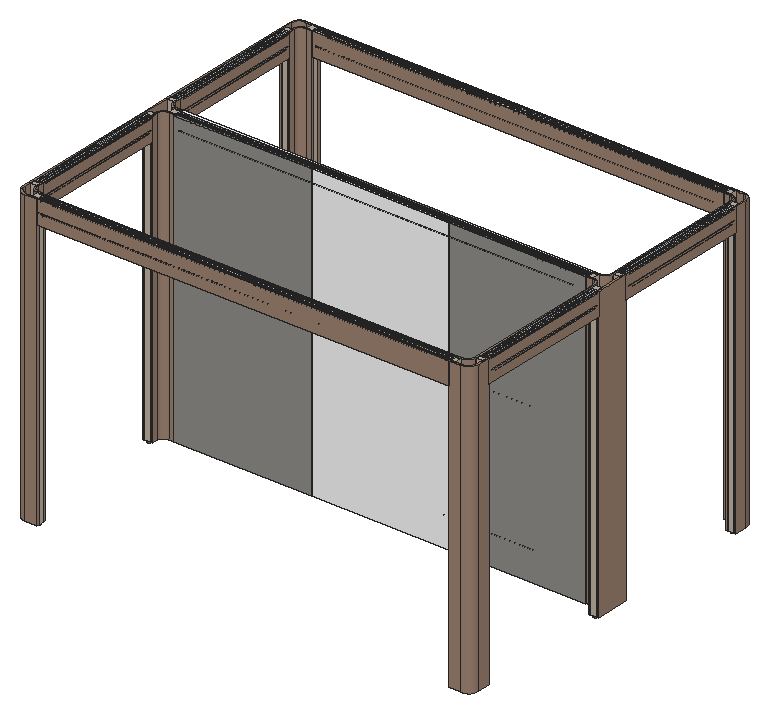
Revit family "T100219", category Furniture, Revit 2018
Family settings
  OmniClass Number = 23.40.20.14.17
  OmniClass Title = Residential Tables and Cabinets
  Work Plane-Based = No
  Always vertical = Yes
  Cut with Voids When Loaded = No
  Shared = Yes
  Room Calculation Point = No
Parameters (values of type "0762 x 0762mm")
  Base Material = Wood - Birch
  Height = 1' - 5.99213"
  Length = 2' - 6"
  Top Material = Laminate - Ivory, Matte
  Width = 2' - 6"
Reference planes (in)
  plane 1: y = 6
  plane 2: z = 0
  plane 3 "Left": x = 14.84943
Dimensions and locks (in)
  aligned and locked: plane 2 to level
Nested families (in)
  nested 1: "OFS OBEYA POSTS" at (-53.40057, 58.5, 0), type "CORNER POST"
  nested 2: "OFS OBEYA POSTS" at (83.09943, 58.53789, 0) x (0, -1, 0) z (0, 0, 1), type "CORNER POST"
  nested 3: "OFS OBEYA BEAM KITS" at (14.84943, 58.5, 0), type "BEAM KIT 126"
  nested 4: "OFS OBEYA BEAM KITS" at (-53.40057, 32.25, 0) x (0, -1, 0) z (0, 0, 1), type "BEAM KIT 42"
  nested 5: "OFS OBEYA BEAM KITS" at (83.09943, 32.25, 0) x (0, -1, 0) z (0, 0, 1), type "BEAM KIT 42"
  nested 6: "OFS OBEYA POSTS" at (-53.40057, 6, 0) x (0, 1, 0) z (0, 0, 1), type "T POST"
  nested 7: "OFS OBEYA POSTS" at (83.09943, 6, 0) x (0, 1, 0) z (0, 0, 1), type "T POST"
  nested 8: "OFS OBEYA POSTS" at (-53.40057, -46.5, 0), type "CORNER POST"
  nested 9: "OFS OBEYA POSTS" at (83.09943, -46.53789, 0) x (0, 1, 0) z (0, 0, 1), type "CORNER POST"
  nested 10: "OFS OBEYA BEAM KITS" at (14.84943, -46.5, 0), type "BEAM KIT 126"
  nested 11: "OFS OBEYA BEAM KITS" at (-53.40057, -20.25, 0) x (0, 1, 0) z (0, 0, 1), type "BEAM KIT 42"
  nested 12: "OFS OBEYA BEAM KITS" at (83.09943, -20.25, 0) x (0, 1, 0) z (0, 0, 1), type "BEAM KIT 42"
  nested 13: "OFS OBEYA FULL WALL RAIL KITS" at (14.84943, 6, 0), type "FULL WALL RAIL KIT 126"
  nested 14: "OFS OBEYA FULL AND SPLIT WALL PANELS" at (-27.15057, 4.75, 0), type "FULL WALL FABRIC PANEL"
    with Top Cutout 0' - 1", Seating Cutout 0' - 1", Right Sitting Bracket no, Right Bar Bracket no, Power Cutout 2 3' - 8", Power Cutout 0' - 1", Number of Power Cutouts 0, Media Cutout Seating Right no, Media Cutout Seating Left no, Media Cutout Seating Center no, Media Cutout Bar Right no, Media Cutout Bar Left no, Media Cutout Bar Center no, Left Sitting Bracket no, Left Bar Bracket no, Beam Cutout Roof Right no, Beam Cutout Roof Left no, Beam Cutout Roof Center no, Bar Cutout 0' - 1", 2 Power Outlets V no, 1 Power Outlet V no
  nested 15: "OFS OBEYA FULL AND SPLIT WALL PANELS" at (14.84943, 7.25, 0), type "FULL WALL FABRIC PANEL"
    with Top Cutout 0' - 1", Seating Cutout 0' - 1", Right Sitting Bracket no, Right Bar Bracket no, Power Cutout 2 3' - 8", Power Cutout 0' - 1", Number of Power Cutouts 0, Media Cutout Seating Right no, Media Cutout Seating Left no, Media Cutout Seating Center no, Media Cutout Bar Right no, Media Cutout Bar Left no, Media Cutout Bar Center no, Left Sitting Bracket no, Left Bar Bracket no, Beam Cutout Roof Right no, Beam Cutout Roof Left no, Beam Cutout Roof Center no, Bar Cutout 0' - 1", 2 Power Outlets V no, 1 Power Outlet V no
  nested 16: "OFS OBEYA FULL AND SPLIT WALL PANELS" at (56.84943, 4.75, 0), type "FULL WALL FABRIC PANEL"
    with Top Cutout 0' - 1", Seating Cutout 0' - 1", Right Sitting Bracket no, Right Bar Bracket no, Power Cutout 2 3' - 8", Power Cutout 0' - 1", Number of Power Cutouts 0, Media Cutout Seating Right no, Media Cutout Seating Left no, Media Cutout Seating Center no, Media Cutout Bar Right no, Media Cutout Bar Left no, Media Cutout Bar Center no, Left Sitting Bracket no, Left Bar Bracket no, Beam Cutout Roof Right no, Beam Cutout Roof Left no, Beam Cutout Roof Center no, Bar Cutout 0' - 1", 2 Power Outlets V no, 1 Power Outlet V no
  nested 17: "OFS OBEYA FULL AND SPLIT WALL PANELS" at (56.84943, 7.25, 0), type "FULL WALL MARKERBOARD PANEL"
    with Top Cutout 0' - 1", Seating Cutout 0' - 1", Right Sitting Bracket no, Right Bar Bracket no, Power Cutout 2 3' - 8", Power Cutout 0' - 1", Number of Power Cutouts 0, Media Cutout Seating Right no, Media Cutout Seating Left no, Media Cutout Seating Center no, Media Cutout Bar Right no, Media Cutout Bar Left no, Media Cutout Bar Center no, Left Sitting Bracket no, Left Bar Bracket no, Beam Cutout Roof Right no, Beam Cutout Roof Left no, Beam Cutout Roof Center no, Bar Cutout 0' - 1", 2 Power Outlets V no, 1 Power Outlet V no
  nested 18: "OFS OBEYA FULL AND SPLIT WALL PANELS" at (-27.15057, 7.25, 0), type "FULL WALL MARKERBOARD PANEL"
    with Top Cutout 0' - 1", Seating Cutout 0' - 1", Right Sitting Bracket no, Right Bar Bracket no, Power Cutout 2 3' - 8", Power Cutout 0' - 1", Number of Power Cutouts 0, Media Cutout Seating Right no, Media Cutout Seating Left no, Media Cutout Seating Center no, Media Cutout Bar Right no, Media Cutout Bar Left no, Media Cutout Bar Center no, Left Sitting Bracket no, Left Bar Bracket no, Beam Cutout Roof Right no, Beam Cutout Roof Left no, Beam Cutout Roof Center no, Bar Cutout 0' - 1", 2 Power Outlets V no, 1 Power Outlet V no
  nested 19: "OFS OBEYA FULL AND SPLIT WALL PANELS" at (14.84943, 4.75, 0), type "FULL WALL MARKERBOARD PANEL"
    with Top Cutout 0' - 1", Seating Cutout 0' - 1", Right Sitting Bracket no, Right Bar Bracket no, Power Cutout 2 3' - 8", Power Cutout 0' - 1", Number of Power Cutouts 0, Media Cutout Seating Right no, Media Cutout Seating Left no, Media Cutout Seating Center no, Media Cutout Bar Right no, Media Cutout Bar Left no, Media Cutout Bar Center no, Left Sitting Bracket no, Left Bar Bracket no, Beam Cutout Roof Right no, Beam Cutout Roof Left no, Beam Cutout Roof Center no, Bar Cutout 0' - 1", 2 Power Outlets V no, 1 Power Outlet V no
Definition of nested family "OFS OBEYA POSTS"
  Parameters (values of type "T POST")
    Width = 0' - 6 3/4"
    URL = "https://ofs.com/products/space-defining/architectural-structures/obeya"
    T = yes
    Model = "OB-TP"
    Manufacturer = "OFS"
    Height = 7' - 6"
    Gliders Material = none
    Finish Material = none
    Description = "OFS OBEYA T POST, Vertical Uprights for Attaching Walls, 3 Way Connection at 90 and 180 Degrees"
    Depth = 0' - 6 3/4"
    Corner = no
    Copyright © = "©OFS 2019"
    Edge Material = none
    Catalog = "https://ofs.com/products/space-defining/architectural-structures/obeya"
    Authoring Version = "Autodesk Revit Architecture 2015"
    Assembly Code = "E2020200"
    4way = no
    4 = no
    3 = yes
    2 = yes
  Types (4): name | T | Model | Description | Corner | 4way | 4 | 3
    (no name) | yes | "OB-TP" | "OFS OBEYA T POST, Vertical Uprights for Attaching Walls, 3 Way Connection at 90 and 180 Degrees" | no | no | no | yes
    CORNER POST | no | "OB-CP" | "OFS OBEYA CORNER POST, Vertical Uprights for Attaching Walls, 90 Degree Connection" | yes | no | no | no
    T POST | yes | "OB-TP" | "OFS OBEYA T POST, Vertical Uprights for Attaching Walls, 3 Way Connection at 90 and 180 Degrees" | no | no | no | yes
    4 WAY POST | no | "OB-4P" | "OFS OBEYA 4 WAY POST, Vertical Uprights for Attaching Walls, 4 Way Connection at 90 Corners" | no | yes | yes | yes
  Reference planes (in)
    plane 1 "Center Front/Back": y = 0
    plane 2: z = 0
    plane 3 "Center Left/Right": x = 0
    plane 4: x = 5.25
    plane 5: y = -5.25
    plane 6: z = 90
    plane 7: z = 0.5
    plane 8: y = 5.25
    plane 9: x = -5.25
  Forms (in)
    Extrusion 1, solid, material <- "Finish Material", visible <- "Corner"
      sketch origin (-1.5, 1.5, 0) x (1, 0, 0) y (0, 1, 0)
        loop
          arc (3, 0) -> (0.87868, -0.87868) -> (0, -3) r 3
          line (0, -3) -> (0, -6.75) -> (0.5, -6.75) -> (0.5, -3)
          arc (0.5, -3) -> (1.23223, -1.23223) -> (3, -0.5) r 2.5
          line (3, -0.5) -> (6.75, -0.5) -> (6.75, 0) -> (3, 0)
        loop
          line (5, -3) -> (6.75, -3) -> (6.75, -2.5) -> (5, -2.5)
          arc (5, -2.5) -> (3.23223, -3.23223) -> (2.5, -5) r 2.5
          line (2.5, -5) -> (2.5, -6.75) -> (3, -6.75) -> (3, -5)
          arc (3, -5) -> (3.58579, -3.58579) -> (5, -3) r 2
      from 0.5 to 90
    Extrusion 2, solid, material <- "Edge Material", visible <- "2"
      sketch origin (0, 0, 0) x (1, 0, 0) y (0, 1, 0)
        loop
          line (5.25, 1) -> (3.5, 1) -> (3.5, -1) -> (5.25, -1) -> (5.25, 1)
        loop
          line (-1, -5.25) -> (1, -5.25) -> (1, -3.5) -> (-1, -3.5) -> (-1, -5.25)
      from 0.5 to 90
    Revolve 3, solid, material <- "Gliders Material", visible <- "2"
      sketch origin (-14.98281, 0, 0) x (1, 0, 0) y (0, 0, 1)
        loop
          line (19.45389, 0.5) -> (19.12889, 0.5) -> (19.12889, 0.2225) -> (18.99551, 0.2225)
          arc (18.99551, 0.2225) -> (18.88426, 0.11125) -> (18.99551, 0) r 0.11125
          line (18.99551, 0) -> (19.45389, 0) -> (19.45389, 0.5)
        axis (19.45389, 0) -> (19.45389, 0.5)
      angle from 0 to 360
    Revolve 4, solid, material <- "Gliders Material", visible <- "2"
      sketch origin (0, 14.98281, 0) x (0, -1, 0) y (0, 0, -1)
        loop
          line (19.45389, -0.5) -> (19.45389, 0) -> (18.99551, 0)
          arc (18.99551, 0) -> (18.88426, -0.11125) -> (18.99551, -0.2225) r 0.11125
          line (18.99551, -0.2225) -> (19.12889, -0.2225) -> (19.12889, -0.5) -> (19.45389, -0.5)
        axis (19.45389, 0) -> (19.45389, -0.5)
      angle from 0 to 360
    Extrusion 5, solid, material <- "Finish Material", visible <- "T"
      sketch origin (-1.5, 1.5, 0) x (1, 0, 0) y (0, 1, 0)
        loop
          line (6.75, 0) -> (-3.75, 0) -> (-3.75, -0.5) -> (6.75, -0.5) -> (6.75, 0)
        loop
          line (5, -3) -> (6.75, -3) -> (6.75, -2.5) -> (5, -2.5)
          arc (5, -2.5) -> (3.23223, -3.23223) -> (2.5, -5) r 2.5
          line (2.5, -5) -> (2.5, -6.75) -> (3, -6.75) -> (3, -5)
          arc (3, -5) -> (3.58579, -3.58579) -> (5, -3) r 2
        loop
          arc (-2, -3) -> (-0.58579, -3.58579) -> (0, -5) r 2
          line (0, -5) -> (0, -6.75) -> (0.5, -6.75) -> (0.5, -5)
          arc (0.5, -5) -> (-0.23223, -3.23223) -> (-2, -2.5) r 2.5
          line (-2, -2.5) -> (-3.75, -2.5) -> (-3.75, -3) -> (-2, -3)
      from 0.5 to 90
    Extrusion 6, solid, material <- "Finish Material", visible <- "4way"
      sketch origin (-1.5, 1.5, 0) x (1, 0, 0) y (0, 1, 0)
        loop
          line (5, -3) -> (6.75, -3) -> (6.75, -2.5) -> (5, -2.5)
          arc (5, -2.5) -> (3.23223, -3.23223) -> (2.5, -5) r 2.5
          line (2.5, -5) -> (2.5, -6.75) -> (3, -6.75) -> (3, -5)
          arc (3, -5) -> (3.58579, -3.58579) -> (5, -3) r 2
        loop
          arc (-2, -3) -> (-0.58579, -3.58579) -> (0, -5) r 2
          line (0, -5) -> (0, -6.75) -> (0.5, -6.75) -> (0.5, -5)
          arc (0.5, -5) -> (-0.23223, -3.23223) -> (-2, -2.5) r 2.5
          line (-2, -2.5) -> (-3.75, -2.5) -> (-3.75, -3) -> (-2, -3)
        loop
          arc (5, 0) -> (3.58579, 0.58579) -> (3, 2) r 2
          line (3, 2) -> (3, 3.75) -> (2.5, 3.75) -> (2.5, 2)
          arc (2.5, 2) -> (3.23223, 0.23223) -> (5, -0.5) r 2.5
          line (5, -0.5) -> (6.75, -0.5) -> (6.75, 0) -> (5, 0)
        loop
          line (-2, 0) -> (-3.75, 0) -> (-3.75, -0.5) -> (-2, -0.5)
          arc (-2, -0.5) -> (-0.23223, 0.23223) -> (0.5, 2) r 2.5
          line (0.5, 2) -> (0.5, 3.75) -> (0, 3.75) -> (0, 2)
          arc (0, 2) -> (-0.58579, 0.58579) -> (-2, 0) r 2
      from 0.5 to 90
    Revolve 7, solid, material <- "Gliders Material", visible <- "3"
      sketch origin (14.98281, 0, 0) x (-1, 0, 0) y (0, 0, 1)
        loop
          line (19.45389, 0.5) -> (19.12889, 0.5) -> (19.12889, 0.2225) -> (18.99551, 0.2225)
          arc (18.99551, 0.2225) -> (18.88426, 0.11125) -> (18.99551, 0) r 0.11125
          line (18.99551, 0) -> (19.45389, 0) -> (19.45389, 0.5)
        axis (19.45389, 0) -> (19.45389, 0.5)
      angle from 0 to 360
    Revolve 8, solid, material <- "Gliders Material", visible <- "4"
      sketch origin (0, -14.98281, 0) x (0, 1, 0) y (0, 0, 1)
        loop
          line (19.45389, 0.5) -> (19.12889, 0.5) -> (19.12889, 0.2225) -> (18.99551, 0.2225)
          arc (18.99551, 0.2225) -> (18.88426, 0.11125) -> (18.99551, 0) r 0.11125
          line (18.99551, 0) -> (19.45389, 0) -> (19.45389, 0.5)
        axis (19.45389, 0) -> (19.45389, 0.5)
      angle from 0 to 360
    Extrusion 9, solid, material <- "Edge Material", visible <- "4"
      sketch origin (0, 0, 0) x (1, 0, 0) y (0, 1, 0)
        loop
          line (-1, 5.25) -> (-1, 3.5) -> (1, 3.5) -> (1, 5.25) -> (-1, 5.25)
      from 0.5 to 90
    Extrusion 10, solid, material <- "Edge Material", visible <- "3"
      sketch origin (0, 0, 0) x (0, -1, 0) y (1, 0, 0)
        loop
          line (-1, -5.25) -> (1, -5.25) -> (1, -3.5) -> (-1, -3.5) -> (-1, -5.25)
      from 0.5 to 90
  Dimensions and locks (in)
    "Height": plane 6 to level
    locked: plane 7 to level at 0.5
    aligned and locked: level to plane 2
    aligned and locked: plane 6 to Extrusion 1
    aligned and locked: plane 6 to Extrusion 2
    aligned and locked: Extrusion 1 to plane 7
  Automatic sketch dimensions
    Extrusion 1 sketch curve to Extrusion 1 sketch curve = 0' - 0"  (x4)
    Extrusion 1 sketch curve to plane 5 = 0' - 0"  (x2)
    Extrusion 1 sketch curve to plane 4 = 0' - 0"  (x2)
    Extrusion 1 sketch curve to plane 4 = 0' - 1 3/4"
    plane 3 "Center Left/Right" to Extrusion 1 sketch curve = 0' - 1 1/2"  (x2)
    Extrusion 1 sketch curve to Extrusion 1 sketch curve = 0' - 0 1/2"  (x2)
    Extrusion 1 sketch curve to plane 3 "Center Left/Right" = 0' - 1"
    plane 5 to Extrusion 1 sketch curve = 0' - 1 3/4"
    plane 1 "Center Front/Back" to Extrusion 1 sketch curve = 0' - 1 1/2"
    Extrusion 2 sketch curve to plane 5 = 0' - 0"
    Extrusion 2 sketch curve to plane 4 = 0' - 0"
    Extrusion 2 sketch curve to plane 4 = 0' - 1 3/4"
    plane 3 "Center Left/Right" to Extrusion 2 sketch curve = 0' - 1"
    Extrusion 2 sketch curve to plane 3 "Center Left/Right" = 0' - 1"
    plane 5 to Extrusion 2 sketch curve = 0' - 1 3/4"
    plane 1 "Center Front/Back" to Extrusion 2 sketch curve = 0' - 1"
    Extrusion 2 sketch curve to plane 1 "Center Front/Back" = 0' - 1"
    Revolve 3 sketch curve to level = 0' - 0"
    Revolve 3 sketch curve to plane 7 = 0' - 0"  (x2)
    level to Revolve 3 sketch curve = 0' - 0.11125"
    Revolve 3 sketch curve to plane 4 = 0' - 1.2373"
    Revolve 3 sketch curve to Revolve 3 sketch curve = 0' - 0.13338"
    Revolve 3 sketch curve to Revolve 3 sketch curve = 0' - 0.325"
    Revolve 3 sketch curve to Revolve 3 sketch curve = 0' - 0"
    Revolve 3 sketch curve to Revolve 3 sketch curve = 0' - 0 1/4"
    Revolve 4 sketch curve to level = 0' - 0"
    Revolve 4 sketch curve to plane 7 = 0' - 0"  (x2)
    level to Revolve 4 sketch curve = 0' - 0.11125"
    plane 5 to Revolve 4 sketch curve = 0' - 1.2373"
    Revolve 4 sketch curve to Revolve 4 sketch curve = 0' - 0.13338"
    Revolve 4 sketch curve to Revolve 4 sketch curve = 0' - 0.325"
    Revolve 4 sketch curve to Revolve 4 sketch curve = 0' - 0"
    Revolve 4 sketch curve to Revolve 4 sketch curve = 0' - 0 1/4"
    Extrusion 5 sketch curve to Extrusion 5 sketch curve = 0' - 0"  (x4)
    Extrusion 5 sketch curve to plane 9 = 0' - 0"  (x2)
    Extrusion 5 sketch curve to plane 5 = 0' - 0"  (x2)
    Extrusion 5 sketch curve to plane 4 = 0' - 0"  (x2)
    Extrusion 5 sketch curve to plane 9 = 0' - 1 3/4"
    Extrusion 5 sketch curve to plane 3 "Center Left/Right" = 0' - 1 1/2"
    Extrusion 5 sketch curve to Extrusion 5 sketch curve = 0' - 0 1/2"  (x3)
    plane 3 "Center Left/Right" to Extrusion 5 sketch curve = 0' - 1"
    Extrusion 5 sketch curve to plane 4 = 0' - 1 3/4"
    plane 5 to Extrusion 5 sketch curve = 0' - 1 3/4"  (x2)
    Extrusion 5 sketch curve to plane 1 "Center Front/Back" = 0' - 1"
    Extrusion 6 sketch curve to Extrusion 6 sketch curve = 0' - 0"  (x8)
    Extrusion 6 sketch curve to plane 9 = 0' - 0"  (x2)
    Extrusion 6 sketch curve to plane 5 = 0' - 0"  (x2)
    plane 8 to Extrusion 6 sketch curve = 0' - 0"  (x2)
    Extrusion 6 sketch curve to plane 4 = 0' - 0"  (x2)
    Extrusion 6 sketch curve to plane 9 = 0' - 1 3/4"  (x2)
    Extrusion 6 sketch curve to plane 3 "Center Left/Right" = 0' - 1 1/2"  (x2)
    Extrusion 6 sketch curve to Extrusion 6 sketch curve = 0' - 0 1/2"  (x4)
    plane 3 "Center Left/Right" to Extrusion 6 sketch curve = 0' - 1"  (x2)
    Extrusion 6 sketch curve to plane 4 = 0' - 1 3/4"  (x2)
    plane 5 to Extrusion 6 sketch curve = 0' - 1 3/4"
    Extrusion 6 sketch curve to Extrusion 6 sketch curve = 0' - 1 3/4"
    Extrusion 6 sketch curve to plane 1 "Center Front/Back" = 0' - 1"  (x2)
    Revolve 7 sketch curve to level = 0' - 0"
    Revolve 7 sketch curve to plane 7 = 0' - 0"  (x2)
    Revolve 7 sketch curve to level = 0' - 0.11125"
    plane 9 to Revolve 7 sketch curve = 0' - 1.2373"
    Revolve 7 sketch curve to Revolve 7 sketch curve = 0' - 0.13338"
    Revolve 7 sketch curve to Revolve 7 sketch curve = 0' - 0.325"
    Revolve 7 sketch curve to Revolve 7 sketch curve = 0' - 0"
    Revolve 7 sketch curve to Revolve 7 sketch curve = 0' - 0 1/4"
    Revolve 8 sketch curve to level = 0' - 0"
    Revolve 8 sketch curve to plane 7 = 0' - 0"  (x2)
    level to Revolve 8 sketch curve = 0' - 0.11125"
    plane 8 to Revolve 8 sketch curve = 0' - 1.2373"
    Revolve 8 sketch curve to Revolve 8 sketch curve = 0' - 0.13338"
    Revolve 8 sketch curve to Revolve 8 sketch curve = 0' - 0.325"
    Revolve 8 sketch curve to Revolve 8 sketch curve = 0' - 0"
    Revolve 8 sketch curve to Revolve 8 sketch curve = 0' - 0 1/4"
    plane 8 to Extrusion 9 sketch curve = 0' - 0"
    plane 3 "Center Left/Right" to Extrusion 9 sketch curve = 0' - 1"
    Extrusion 9 sketch curve to plane 3 "Center Left/Right" = 0' - 1"
    Extrusion 9 sketch curve to plane 8 = 0' - 1 3/4"
    Extrusion 10 sketch curve to plane 9 = 0' - 0"
    Extrusion 10 sketch curve to plane 1 "Center Front/Back" = 0' - 1"
    plane 1 "Center Front/Back" to Extrusion 10 sketch curve = 0' - 1"
    Extrusion 10 sketch curve to Extrusion 10 sketch curve = 0' - 1 3/4"
Definition of nested family "OFS OBEYA BEAM KITS"
  Parameters (values of type "BEAM KIT 42")
    Width = 3' - 6"
    URL = "https://ofs.com/products/space-defining/architectural-structures/obeya"
    Model = "OB-42BMK"
    Manufacturer = "OFS"
    Height = 7' - 6"
    Structure Material = none
    Finish Material = none
    Description = "OFS OBEYA BEAM KIT, 42\" Width, Spans Between 2 Posts"
    Depth = 0' - 3"
    Copyright © = "©OFS 2019"
    Edge Material = none
    Catalog = "https://ofs.com/products/space-defining/architectural-structures/obeya"
    Beam Height = 0' - 7"
    Authoring Version = "Autodesk Revit Architecture 2015"
    Assembly Code = "E2020200"
  Types (3): name | Width | Model | Description
    BEAM KIT 42 | 3' - 6" | "OB-42BMK" | "OFS OBEYA BEAM KIT, 42\" Width, Spans Between 2 Posts"
    BEAM KIT 84 | 7' - 0" | "OB-84BMK" | "OFS OBEYA BEAM KIT, 84\" Width, Spans Between 2 Posts"
    BEAM KIT 126 | 10' - 6" | "OB-126BMK" | "OFS OBEYA BEAM KIT, 126\" Width, Spans Between 2 Posts"
  Reference planes (in)
    plane 1 "Center Front/Back": y = 0
    plane 2: z = 0
    plane 3 "Center Left/Right": x = 0
    plane 4: x = 21
    plane 5: y = -1.5
    plane 6: z = 90
    plane 7: z = 0.5
    plane 8: y = 1.5
    plane 9: x = -21
    plane 10: z = 83
    plane 11: x = 2
    plane 12: x = -2
    plane 13: x = -19.25
    plane 14: x = -17.25
    plane 15: x = 19.25
    plane 16: x = 17.25
  Forms (in)
    Extrusion 1, solid, material <- "Finish Material"
      sketch origin (0, 0, 0) x (0, 1, 0) y (0, 0, 1)
        loop
          line (1.5, 90) -> (1, 90) -> (1, 83) -> (1.5, 83) -> (1.5, 90)
        loop
          line (-1.5, 90) -> (-1.5, 83) -> (-1, 83) -> (-1, 90) -> (-1.5, 90)
      from -21 to 21
    Extrusion 2, solid, material <- "Edge Material"
      sketch origin (0, 0, 0) x (0, 1, 0) y (0, 0, 1)
        loop
          line (1, 84) -> (-1, 84) -> (-1, 83) -> (1, 83) -> (1, 84)
      from -21 to 21
    Extrusion 3, solid, material <- "Structure Material"
      sketch origin (0, 0, 0) x (0, 1, 0) y (0, 0, 1)
        loop
          line (0.634, 89.90157) -> (0.90157, 89.90157) -> (0.90157, 89.27657) -> (0.29068, 89.27657)
          arc (0.29068, 89.27657) -> (0.19003, 89.39013) -> (0.04921, 89.44664) r 0.33001
          line (0.04921, 89.44664) -> (0.04921, 89.90157) -> (0.23, 89.90157) -> (0.23, 90) -> (-0.23, 90) -> (-0.23, 89.90157) -> (-0.04921, 89.90157) -> (-0.04921, 89.44664)
          arc (-0.04921, 89.44664) -> (-0.19003, 89.39013) -> (-0.29068, 89.27657) r 0.33001
          line (-0.29068, 89.27657) -> (-0.90157, 89.27657) -> (-0.90157, 89.90157) -> (-0.634, 89.90157) -> (-0.634, 90) -> (-1, 90) -> (-1, 89.17815) -> (-0.74409, 88.92224) -> (-0.74409, 87.7719) -> (-0.90157, 87.7719) -> (-0.90157, 88.09941) -> (-1, 88.19783) -> (-1, 85.9781) -> (-0.74409, 85.72219) -> (-0.74409, 84.57185) -> (-0.90157, 84.57185) -> (-0.90157, 84.89936) -> (-1, 84.99779) -> (-1, 84) -> (-0.202, 84) -> (-0.202, 84.09843) -> (-0.375, 84.09843) -> (-0.375, 84.71875) -> (-0.28811, 84.71875)
          arc (-0.28811, 84.71875) -> (0, 84.54967) -> (0.28811, 84.71875) r 0.33001
          line (0.28811, 84.71875) -> (0.375, 84.71875) -> (0.375, 84.09843) -> (0.202, 84.09843) -> (0.202, 84) -> (1, 84) -> (1, 84.99779) -> (0.90157, 84.89936) -> (0.90157, 84.57185) -> (0.74409, 84.57185) -> (0.74409, 85.72219) -> (1, 85.9781) -> (1, 88.19783) -> (0.90157, 88.09941) -> (0.90157, 87.7719) -> (0.74409, 87.7719) -> (0.74409, 88.92224) -> (1, 89.17815) -> (1, 90) -> (0.634, 90) -> (0.634, 89.90157)
        loop
          arc (0.33001, 89.12032) -> (0.28638, 88.95633) -> (0.16703, 88.8357) r 0.33001
          line (0.16703, 88.8357) -> (0.08792, 88.97271)
          arc (0.08792, 88.97271) -> (0, 89.29214) -> (-0.08792, 88.97271) r 0.17181
          line (-0.08792, 88.97271) -> (-0.16703, 88.8357)
          arc (-0.16703, 88.8357) -> (-0.28638, 88.95633) -> (-0.33001, 89.12032) r 0.33001
          line (-0.33001, 89.12032) -> (-0.64567, 89.12032) -> (-0.64567, 87.67347) -> (-0.90157, 87.67347) -> (-0.90157, 86.01887) -> (-0.202, 86.01887) -> (-0.202, 85.92044) -> (-0.64567, 85.92044) -> (-0.64567, 84.875) -> (-0.32998, 84.875)
          arc (-0.32998, 84.875) -> (-0.28753, 85.04163) -> (-0.16703, 85.1643) r 0.33001
          line (-0.16703, 85.1643) -> (-0.08792, 85.02729)
          arc (-0.08792, 85.02729) -> (0, 84.70786) -> (0.08792, 85.02729) r 0.17181
          line (0.08792, 85.02729) -> (0.16703, 85.1643)
          arc (0.16703, 85.1643) -> (0.28753, 85.04163) -> (0.32998, 84.875) r 0.33001
          line (0.32998, 84.875) -> (0.64567, 84.875) -> (0.64567, 85.92044) -> (0.202, 85.92044) -> (0.202, 86.01887) -> (0.90157, 86.01887) -> (0.90157, 87.67347) -> (0.64567, 87.67347) -> (0.64567, 89.12032) -> (0.33001, 89.12032)
        loop
          line (0.47343, 84.71875) -> (0.47343, 84.09843) -> (0.90157, 84.09843) -> (0.90157, 84.47343) -> (0.64567, 84.47343) -> (0.64567, 84.71875) -> (0.47343, 84.71875)
        loop
          line (-0.47343, 84.71875) -> (-0.64567, 84.71875) -> (-0.64567, 84.47343) -> (-0.90157, 84.47343) -> (-0.90157, 84.09843) -> (-0.47343, 84.09843) -> (-0.47343, 84.71875)
      from -21 to 21
    Extrusion 4, void
      sketch origin (0, 24.68611, 0) x (-1, 0, 0) y (0, -1, 0)
        loop
          line (-1.875, 24.04044) -> (1.875, 24.04044)
          arc (1.875, 24.04044) -> (1.96339, 24.07705) -> (2, 24.16544) r 0.125
          line (2, 24.16544) -> (2, 25.20678)
          arc (2, 25.20678) -> (1.96339, 25.29517) -> (1.875, 25.33178) r 0.125
          line (1.875, 25.33178) -> (-1.875, 25.33178)
          arc (-1.875, 25.33178) -> (-1.96339, 25.29517) -> (-2, 25.20678) r 0.125
          line (-2, 25.20678) -> (-2, 24.16544)
          arc (-2, 24.16544) -> (-1.96339, 24.07705) -> (-1.875, 24.04044) r 0.125
      from 87.3961 to 91.22301
    Extrusion 5, void
      sketch origin (-59.25, 24.68611, 0) x (-1, 0, 0) y (0, -1, 0)
        loop
          line (-41.875, 24.04044) -> (-40.125, 24.04044)
          arc (-40.125, 24.04044) -> (-40.03661, 24.07705) -> (-40, 24.16544) r 0.125
          line (-40, 24.16544) -> (-40, 25.20678)
          arc (-40, 25.20678) -> (-40.03661, 25.29517) -> (-40.125, 25.33178) r 0.125
          line (-40.125, 25.33178) -> (-41.875, 25.33178)
          arc (-41.875, 25.33178) -> (-41.96339, 25.29517) -> (-42, 25.20678) r 0.125
          line (-42, 25.20678) -> (-42, 24.16544)
          arc (-42, 24.16544) -> (-41.96339, 24.07705) -> (-41.875, 24.04044) r 0.125
      from 87.3961 to 91.22301
    Extrusion 6, void
      sketch origin (59.25, 24.68611, 0) x (1, 0, 0) y (0, 1, 0)
        loop
          arc (-41.875, -24.04044) -> (-41.96339, -24.07705) -> (-42, -24.16544) r 0.125
          line (-42, -24.16544) -> (-42, -25.20678)
          arc (-42, -25.20678) -> (-41.96339, -25.29517) -> (-41.875, -25.33178) r 0.125
          line (-41.875, -25.33178) -> (-40.125, -25.33178)
          arc (-40.125, -25.33178) -> (-40.03661, -25.29517) -> (-40, -25.20678) r 0.125
          line (-40, -25.20678) -> (-40, -24.16544)
          arc (-40, -24.16544) -> (-40.03661, -24.07705) -> (-40.125, -24.04044) r 0.125
          line (-40.125, -24.04044) -> (-41.875, -24.04044)
      from 87.3961 to 91.22301
  Cuts and joins
    Extrusion 4, Extrusion 5, Extrusion 6 cuts Extrusion 3
  Lines and regions (in)
    symbolic lines
      curve 1: line (-21, 1.5, 0) -> (21, 1.5, 0)
      curve 2: line (-21, -1.5, 0) -> (-21, 1.5, 0)
      curve 3: line (21, -1.5, 0) -> (-21, -1.5, 0)
      curve 4: line (21, 1.5, 0) -> (21, -1.5, 0)
  Dimensions and locks (in)
    "Height": plane 6 to level
    locked: plane 7 to level at 0.5
    equal spacing: plane 8, plane 1 "Center Front/Back", plane 5
    "Depth": plane 8 to plane 5
    equal spacing: plane 9, plane 3 "Center Left/Right", plane 4
    "Width": plane 9 to plane 4
    "Beam Height": plane 6 to plane 10
    plane 9 to plane 13 to plane 14 = 0' - 1 3/4" locked, 0' - 2" locked
    locked: plane 12 to plane 11 at 4
    plane 4 to plane 15 to plane 16 = 0' - 1 3/4" locked, 0' - 2" locked
    aligned and locked: level to plane 2
    aligned and locked: plane 9 to Extrusion 1
    aligned and locked: plane 9 to Extrusion 3
    aligned and locked: plane 4 to Extrusion 1
    aligned and locked: plane 4 to Extrusion 3
    aligned and locked: plane 4 to Extrusion 2
    aligned and locked: plane 9 to Extrusion 2
    aligned and locked: curve 2 to plane 9
    aligned and locked: curve 4 to plane 4
    aligned and locked: plane 8 to curve 1
    aligned and locked: plane 5 to curve 3
    aligned and locked: Extrusion 4 to plane 12
    aligned and locked: plane 11 to Extrusion 4
    aligned and locked: plane 13 to Extrusion 5
    aligned and locked: Extrusion 5 to plane 14
    aligned and locked: plane 15 to Extrusion 6
    aligned and locked: Extrusion 6 to plane 16
  Automatic sketch dimensions
    Extrusion 1 sketch curve to plane 5 = 0' - 0"
    Extrusion 1 sketch curve to plane 10 = 0' - 0"  (x2)
    Extrusion 1 sketch curve to plane 6 = 0' - 0"  (x2)
    Extrusion 1 sketch curve to plane 8 = 0' - 0"
    plane 5 to Extrusion 1 sketch curve = 0' - 0 1/2"
    plane 8 to Extrusion 1 sketch curve = 0' - 0 1/2"
    Extrusion 2 sketch curve to plane 10 = 0' - 0"
    plane 5 to Extrusion 2 sketch curve = 0' - 0 1/2"
    plane 8 to Extrusion 2 sketch curve = 0' - 0 1/2"
    plane 10 to Extrusion 2 sketch curve = 0' - 1"
    Extrusion 3 sketch curve to Extrusion 3 sketch curve = 0' - 0"  (x38)
    Extrusion 3 sketch curve to plane 6 = 0' - 0"  (x3)
    Extrusion 3 sketch curve to plane 1 "Center Front/Back" = 0' - 0"  (x2)
    plane 1 "Center Front/Back" to Extrusion 3 sketch curve = 0' - 0.04921"
    plane 1 "Center Front/Back" to Extrusion 3 sketch curve = 0' - 0.08792"  (x2)
    Extrusion 3 sketch curve to Extrusion 3 sketch curve = 0' - 0.0791"  (x4)
    plane 1 "Center Front/Back" to Extrusion 3 sketch curve = 0' - 0.202"  (x2)
    Extrusion 3 sketch curve to Extrusion 3 sketch curve = 0' - 0.18079"  (x2)
    plane 1 "Center Front/Back" to Extrusion 3 sketch curve = 0' - 0.28811"
    plane 1 "Center Front/Back" to Extrusion 3 sketch curve = 0' - 0.29068"
    Extrusion 3 sketch curve to Extrusion 3 sketch curve = 0' - 0.04186"  (x2)
    Extrusion 3 sketch curve to Extrusion 3 sketch curve = 0' - 0.03933"  (x2)
    Extrusion 3 sketch curve to Extrusion 3 sketch curve = 0' - 0.173"  (x2)
    Extrusion 3 sketch curve to Extrusion 3 sketch curve = 0' - 0.09843"  (x26)
    Extrusion 3 sketch curve to Extrusion 3 sketch curve = 0' - 0.404"  (x2)
    Extrusion 3 sketch curve to Extrusion 3 sketch curve = 0' - 0.44367"
    Extrusion 3 sketch curve to Extrusion 3 sketch curve = 0' - 0.17224"  (x2)
    plane 1 "Center Front/Back" to Extrusion 3 sketch curve = 0' - 0.64567"
    Extrusion 3 sketch curve to Extrusion 3 sketch curve = 0' - 0.15748"  (x4)
    Extrusion 3 sketch curve to plane 6 = 0' - 0.09843"  (x4)
    Extrusion 3 sketch curve to Extrusion 3 sketch curve = 0' - 0.26757"
    Extrusion 3 sketch curve to Extrusion 3 sketch curve = 0' - 0.25591"  (x4)
    Extrusion 3 sketch curve to plane 1 "Center Front/Back" = 0' - 0.04921"
    Extrusion 3 sketch curve to plane 1 "Center Front/Back" = 0' - 0.08792"  (x2)
    Extrusion 3 sketch curve to plane 1 "Center Front/Back" = 0' - 0.202"  (x2)
    Extrusion 3 sketch curve to plane 1 "Center Front/Back" = 0' - 0.28811"
    Extrusion 3 sketch curve to plane 1 "Center Front/Back" = 0' - 0.29068"
    Extrusion 3 sketch curve to Extrusion 3 sketch curve = 0' - 0.31566"
    Extrusion 3 sketch curve to Extrusion 3 sketch curve = 0' - 0.42815"
    Extrusion 3 sketch curve to Extrusion 3 sketch curve = 0' - 0.45493"
    Extrusion 3 sketch curve to Extrusion 3 sketch curve = 0' - 0.17007"
    Extrusion 3 sketch curve to Extrusion 3 sketch curve = 0' - 0.13701"  (x2)
    Extrusion 3 sketch curve to Extrusion 3 sketch curve = 0' - 0.19808"  (x2)
    Extrusion 3 sketch curve to Extrusion 3 sketch curve = 0' - 0.72441"  (x4)
    Extrusion 3 sketch curve to Extrusion 3 sketch curve = 0' - 0.32751"  (x2)
    Extrusion 3 sketch curve to Extrusion 3 sketch curve = 0' - 1.6546"
    Extrusion 3 sketch curve to Extrusion 3 sketch curve = 0' - 0.04077"  (x2)
    Extrusion 3 sketch curve to Extrusion 3 sketch curve = 0' - 0.19825"  (x2)
    Extrusion 3 sketch curve to Extrusion 3 sketch curve = 0' - 0.75615"
    Extrusion 3 sketch curve to Extrusion 3 sketch curve = 0' - 0.14761"
    Extrusion 3 sketch curve to Extrusion 3 sketch curve = 0' - 0 5/32"  (x2)
    Extrusion 3 sketch curve to Extrusion 3 sketch curve = 0' - 0.1469"  (x2)
    Extrusion 3 sketch curve to Extrusion 3 sketch curve = 0' - 0 3/8"  (x3)
    Extrusion 4 sketch curve to plane 11 = 0' - 0"
    Extrusion 4 sketch curve to plane 12 = 0' - 0"
    plane 11 to Extrusion 4 sketch curve = 0' - 0 1/8"  (x2)
    Extrusion 4 sketch curve to plane 12 = 0' - 0 1/8"
    Extrusion 4 sketch curve to Extrusion 4 sketch curve = 0' - 0 1/8"
    Extrusion 4 sketch curve to plane 1 "Center Front/Back" = 0' - 0.64567"
    plane 1 "Center Front/Back" to Extrusion 4 sketch curve = 0' - 0.52067"
    Extrusion 5 sketch curve to plane 14 = 0' - 0"
    Extrusion 5 sketch curve to plane 13 = 0' - 0"
    Extrusion 5 sketch curve to plane 14 = 0' - 0 1/8"
    Extrusion 5 sketch curve to Extrusion 5 sketch curve = 0' - 0 1/8"
    plane 13 to Extrusion 5 sketch curve = 0' - 0 1/8"  (x2)
    Extrusion 5 sketch curve to plane 1 "Center Front/Back" = 0' - 0.64567"
    plane 1 "Center Front/Back" to Extrusion 5 sketch curve = 0' - 0.52067"
    Extrusion 6 sketch curve to plane 16 = 0' - 0"
    Extrusion 6 sketch curve to plane 15 = 0' - 0"
    plane 16 to Extrusion 6 sketch curve = 0' - 0 1/8"
    Extrusion 6 sketch curve to Extrusion 6 sketch curve = 0' - 0 1/8"
    Extrusion 6 sketch curve to plane 15 = 0' - 0 1/8"  (x2)
    plane 1 "Center Front/Back" to Extrusion 6 sketch curve = 0' - 0.64567"
    Extrusion 6 sketch curve to plane 1 "Center Front/Back" = 0' - 0.52067"
Definition of nested family "OFS OBEYA FULL WALL RAIL KITS"
  Parameters (values of type "FULL WALL RAIL KIT 126")
    Width = 10' - 6"
    URL = "https://ofs.com/products/space-defining/architectural-structures/obeya"
    Model = "OB-126FWRK"
    Manufacturer = "OFS"
    Height = 7' - 6"
    Structure Material = none
    Finish Material = none
    Description = "OFS OBEYA FULL WALL RAIL KIT, 126\" Width, Spans Between 2 Posts"
    Depth = 0' - 1 3/4"
    Copyright © = "©OFS 2019"
    Edge Material = none
    Catalog = "https://ofs.com/products/space-defining/architectural-structures/obeya"
    Authoring Version = "Autodesk Revit Architecture 2015"
    Assembly Code = "E2020200"
  Types (4): name | Width | Model | Description
    (no name) | 10' - 6" | "OB-126FWRK" | "OFS OBEYA FULL WALL RAIL KIT, 126\" Width, Spans Between 2 Posts"
    FULL WALL RAIL KIT 42 | 3' - 6" | "OB-42FWRK" | "OFS OBEYA FULL WALL RAIL KIT, 42\" Width, Spans Between 2 Posts"
    FULL WALL RAIL KIT 84 | 7' - 0" | "OB-84FWRK" | "OFS OBEYA FULL WALL RAIL KIT, 84\" Width, Spans Between 2 Posts"
    FULL WALL RAIL KIT 126 | 10' - 6" | "OB-126FWRK" | "OFS OBEYA FULL WALL RAIL KIT, 126\" Width, Spans Between 2 Posts"
  Reference planes (in)
    plane 1 "Center Front/Back": y = 0
    plane 2: z = 0
    plane 3 "Center Left/Right": x = 0
    plane 4: x = 63
    plane 5: z = 90
    plane 6: x = -63
    plane 7: z = 47.875
    plane 8: z = 44.875
    plane 9: z = 8.75
    plane 10: z = 5.75
    plane 11: x = -6
    plane 12: x = 6
    plane 13: y = 0.875
    plane 14: y = -0.875
    plane 15: x = -61.25
    plane 16: x = -59.25
    plane 17: x = 61.25
    plane 18: x = 59.25
    plane 19: x = -62.75
    plane 20: x = 62.75
    plane 21: x = -52
    plane 22: x = -50
    plane 23: x = 52
    plane 24: x = 50
  Forms (in)
    Extrusion 1, solid, material <- "Structure Material"
      sketch origin (0, 0, 0) x (0, 1, 0) y (0, 0, 1)
        loop
          line (0.58713, 89.90157) -> (0.77657, 89.90157) -> (0.77657, 89.19845) -> (0.32063, 89.19845)
          arc (0.32063, 89.19845) -> (0.2227, 89.36386) -> (0.04921, 89.44664) r 0.33001
          line (0.04921, 89.44664) -> (0.04921, 89.90157) -> (0.23, 89.90157) -> (0.23, 90) -> (-0.23, 90) -> (-0.23, 89.90157) -> (-0.04921, 89.90157) -> (-0.04921, 89.44664)
          arc (-0.04921, 89.44664) -> (-0.2227, 89.36386) -> (-0.32063, 89.19845) r 0.33001
          line (-0.32063, 89.19845) -> (-0.77657, 89.19845) -> (-0.77657, 89.90157) -> (-0.58713, 89.90157) -> (-0.58713, 90) -> (-0.875, 90) -> (-0.875, 89.10002) -> (-0.54097, 88.76599) -> (-0.54097, 86.56096) -> (-0.77657, 86.56096) -> (-0.77657, 87.26347) -> (-0.875, 87.3619) -> (-0.875, 84) -> (-0.202, 84) -> (-0.202, 84.09843) -> (-0.375, 84.09843) -> (-0.375, 84.78125) -> (-0.31499, 84.78125)
          arc (-0.31499, 84.78125) -> (0, 84.54967) -> (0.31499, 84.78125) r 0.33001
          line (0.31499, 84.78125) -> (0.375, 84.78125) -> (0.375, 84.09843) -> (0.202, 84.09843) -> (0.202, 84) -> (0.875, 84) -> (0.875, 87.3619) -> (0.77657, 87.26347) -> (0.77657, 86.56096) -> (0.54097, 86.56096) -> (0.54097, 88.76599) -> (0.875, 89.10002) -> (0.875, 90) -> (0.58713, 90) -> (0.58713, 89.90157)
        loop
          arc (0.32063, 89.0422) -> (0.26216, 88.91988) -> (0.15944, 88.83138) r 0.33001
          line (0.15944, 88.83138) -> (0.08792, 88.97271)
          arc (0.08792, 88.97271) -> (0, 89.29214) -> (-0.08792, 88.97271) r 0.17181
          line (-0.08792, 88.97271) -> (-0.15944, 88.83138)
          arc (-0.15944, 88.83138) -> (-0.26216, 88.91988) -> (-0.32063, 89.0422) r 0.33001
          line (-0.32063, 89.0422) -> (-0.44254, 89.0422) -> (-0.44254, 86.46254) -> (-0.77657, 86.46254) -> (-0.77657, 86.01887) -> (-0.202, 86.01887) -> (-0.202, 85.92044) -> (-0.77657, 85.92044) -> (-0.77657, 84.9375) -> (-0.3249, 84.9375)
          arc (-0.3249, 84.9375) -> (-0.27085, 85.06822) -> (-0.16703, 85.1643) r 0.33001
          line (-0.16703, 85.1643) -> (-0.08792, 85.02729)
          arc (-0.08792, 85.02729) -> (0, 84.70786) -> (0.08792, 85.02729) r 0.17181
          line (0.08792, 85.02729) -> (0.16703, 85.1643)
          arc (0.16703, 85.1643) -> (0.27085, 85.06822) -> (0.3249, 84.9375) r 0.33001
          line (0.3249, 84.9375) -> (0.77657, 84.9375) -> (0.77657, 85.92044) -> (0.202, 85.92044) -> (0.202, 86.01887) -> (0.77657, 86.01887) -> (0.77657, 86.46254) -> (0.44254, 86.46254) -> (0.44254, 89.0422) -> (0.32063, 89.0422)
        loop
          line (0.47343, 84.78125) -> (0.47343, 84.09843) -> (0.77657, 84.09843) -> (0.77657, 84.78125) -> (0.47343, 84.78125)
        loop
          line (-0.47343, 84.78125) -> (-0.77657, 84.78125) -> (-0.77657, 84.09843) -> (-0.47343, 84.09843) -> (-0.47343, 84.78125)
      from -63 to 63
    Extrusion 2, solid, material <- "Structure Material"
      sketch origin (0, 0, 0) x (0, 1, 0) y (0, 0, 1)
        loop
          line (-0.06111, 47.33432) -> (-0.13399, 47.46055)
          arc (-0.13399, 47.46055) -> (-0.23431, 47.36295) -> (-0.27313, 47.22847) r 0.27319
          line (-0.27313, 47.22847) -> (-0.375, 47.22847) -> (-0.375, 47.78279) -> (-0.202, 47.78279) -> (-0.202, 47.875) -> (-0.47343, 47.875) -> (-0.47343, 47.09997) -> (-0.77657, 47.09997) -> (-0.77657, 47.77657) -> (-0.875, 47.875) -> (-0.875, 44.875) -> (-0.202, 44.875) -> (-0.202, 44.97965) -> (-0.375, 44.97965) -> (-0.375, 45.45263) -> (-0.26618, 45.45263)
          arc (-0.26618, 45.45263) -> (0, 45.24093) -> (0.26618, 45.45263) r 0.27319
          line (0.26618, 45.45263) -> (0.375, 45.45263) -> (0.375, 44.97965) -> (0.202, 44.97965) -> (0.202, 44.875) -> (0.875, 44.875) -> (0.875, 47.875) -> (0.77657, 47.77657) -> (0.77657, 47.09997) -> (0.47343, 47.09997) -> (0.47343, 47.875) -> (0.202, 47.875) -> (0.202, 47.78279) -> (0.375, 47.78279) -> (0.375, 47.22847) -> (0.27313, 47.22847)
          arc (0.27313, 47.22847) -> (0.23431, 47.36295) -> (0.13399, 47.46055) r 0.27319
          line (0.13399, 47.46055) -> (0.06111, 47.33432)
          arc (0.06111, 47.33432) -> (0, 47.09502) -> (-0.06111, 47.33432) r 0.12745
        loop
          line (-0.77657, 46.96217) -> (-0.77657, 45.59043) -> (-0.26232, 45.59043)
          arc (-0.26232, 45.59043) -> (-0.21403, 45.68391) -> (-0.13399, 45.7522) r 0.27319
          line (-0.13399, 45.7522) -> (-0.06111, 45.62597)
          arc (-0.06111, 45.62597) -> (0, 45.38667) -> (0.06111, 45.62597) r 0.12745
          line (0.06111, 45.62597) -> (0.13399, 45.7522)
          arc (0.13399, 45.7522) -> (0.21403, 45.68391) -> (0.26232, 45.59043) r 0.27319
          line (0.26232, 45.59043) -> (0.77657, 45.59043) -> (0.77657, 46.96217) -> (-0.77657, 46.96217)
        loop
          line (0.77657, 44.97965) -> (0.77657, 45.45263) -> (0.47343, 45.45263) -> (0.47343, 44.97965) -> (0.77657, 44.97965)
        loop
          line (-0.77657, 44.97965) -> (-0.47343, 44.97965) -> (-0.47343, 45.45263) -> (-0.77657, 45.45263) -> (-0.77657, 44.97965)
        loop
          line (-0.06111, 8.20932) -> (-0.13399, 8.33555)
          arc (-0.13399, 8.33555) -> (-0.23431, 8.23795) -> (-0.27313, 8.10347) r 0.27319
          line (-0.27313, 8.10347) -> (-0.375, 8.10347) -> (-0.375, 8.65779) -> (-0.202, 8.65779) -> (-0.202, 8.75) -> (-0.47343, 8.75) -> (-0.47343, 7.97497) -> (-0.77657, 7.97497) -> (-0.77657, 8.65157) -> (-0.875, 8.75) -> (-0.875, 5.75) -> (-0.202, 5.75) -> (-0.202, 5.85465) -> (-0.375, 5.85465) -> (-0.375, 6.32763) -> (-0.26618, 6.32763)
          arc (-0.26618, 6.32763) -> (0, 6.11593) -> (0.26618, 6.32763) r 0.27319
          line (0.26618, 6.32763) -> (0.375, 6.32763) -> (0.375, 5.85465) -> (0.202, 5.85465) -> (0.202, 5.75) -> (0.875, 5.75) -> (0.875, 8.75) -> (0.77657, 8.65157) -> (0.77657, 7.97497) -> (0.47343, 7.97497) -> (0.47343, 8.75) -> (0.202, 8.75) -> (0.202, 8.65779) -> (0.375, 8.65779) -> (0.375, 8.10347) -> (0.27313, 8.10347)
          arc (0.27313, 8.10347) -> (0.23431, 8.23795) -> (0.13399, 8.33555) r 0.27319
          line (0.13399, 8.33555) -> (0.06111, 8.20932)
          arc (0.06111, 8.20932) -> (0, 7.97002) -> (-0.06111, 8.20932) r 0.12745
        loop
          line (-0.77657, 7.83717) -> (-0.77657, 6.46543) -> (-0.26232, 6.46543)
          arc (-0.26232, 6.46543) -> (-0.21403, 6.55891) -> (-0.13399, 6.6272) r 0.27319
          line (-0.13399, 6.6272) -> (-0.06111, 6.50097)
          arc (-0.06111, 6.50097) -> (0, 6.26167) -> (0.06111, 6.50097) r 0.12745
          line (0.06111, 6.50097) -> (0.13399, 6.6272)
          arc (0.13399, 6.6272) -> (0.21403, 6.55891) -> (0.26232, 6.46543) r 0.27319
          line (0.26232, 6.46543) -> (0.77657, 6.46543) -> (0.77657, 7.83717) -> (-0.77657, 7.83717)
        loop
          line (0.77657, 5.85465) -> (0.77657, 6.32763) -> (0.47343, 6.32763) -> (0.47343, 5.85465) -> (0.77657, 5.85465)
        loop
          line (-0.77657, 5.85465) -> (-0.47343, 5.85465) -> (-0.47343, 6.32763) -> (-0.77657, 6.32763) -> (-0.77657, 5.85465)
      from -62.75 to 62.75
    Extrusion 3, void
      sketch origin (0, 0, 0) x (1, 0, 0) y (0, 0, 1)
        loop
          line (-6, 87.25295) -> (-6, 85.51887)
          arc (-6, 85.51887) -> (-5.85355, 85.16532) -> (-5.5, 85.01887) r 0.5
          line (-5.5, 85.01887) -> (5.5, 85.01887)
          arc (5.5, 85.01887) -> (5.85355, 85.16532) -> (6, 85.51887) r 0.5
          line (6, 85.51887) -> (6, 87.25295)
          arc (6, 87.25295) -> (5.85355, 87.6065) -> (5.5, 87.75295) r 0.5
          line (5.5, 87.75295) -> (-5.5, 87.75295)
          arc (-5.5, 87.75295) -> (-5.85355, 87.6065) -> (-6, 87.25295) r 0.5
      from -1.5 to 1.5
    Extrusion 4, void
      sketch origin (0, 0, 0) x (1, 0, 0) y (0, 0, 1)
        loop
          arc (-61.125, 89.67159) -> (-61.21339, 89.63498) -> (-61.25, 89.54659) r 0.125
          line (-61.25, 89.54659) -> (-61.25, 87.66982)
          arc (-61.25, 87.66982) -> (-61.21339, 87.58143) -> (-61.125, 87.54482) r 0.125
          line (-61.125, 87.54482) -> (-59.375, 87.54482)
          arc (-59.375, 87.54482) -> (-59.28661, 87.58143) -> (-59.25, 87.66982) r 0.125
          line (-59.25, 87.66982) -> (-59.25, 89.54659)
          arc (-59.25, 89.54659) -> (-59.28661, 89.63498) -> (-59.375, 89.67159) r 0.125
          line (-59.375, 89.67159) -> (-61.125, 89.67159)
      from -0.875 to 0.875
    Extrusion 5, void
      sketch origin (0, 0, 0) x (-1, 0, 0) y (0, 0, -1)
        loop
          line (-61.125, -89.67159) -> (-59.375, -89.67159)
          arc (-59.375, -89.67159) -> (-59.28661, -89.63498) -> (-59.25, -89.54659) r 0.125
          line (-59.25, -89.54659) -> (-59.25, -87.66982)
          arc (-59.25, -87.66982) -> (-59.28661, -87.58143) -> (-59.375, -87.54482) r 0.125
          line (-59.375, -87.54482) -> (-61.125, -87.54482)
          arc (-61.125, -87.54482) -> (-61.21339, -87.58143) -> (-61.25, -87.66982) r 0.125
          line (-61.25, -87.66982) -> (-61.25, -89.54659)
          arc (-61.25, -89.54659) -> (-61.21339, -89.63498) -> (-61.125, -89.67159) r 0.125
      from -0.875 to 0.875
    Extrusion 6, solid, material <- "Structure Material"
      sketch origin (0, 0, 0) x (0, 1, 0) y (0, 0, 1)
        loop
          line (0.75, 49.125) -> (-0.75, 49.125)
          arc (-0.75, 49.125) -> (-0.83839, 49.08839) -> (-0.875, 49) r 0.125
          line (-0.875, 49) -> (-0.875, 48.375) -> (-0.08027, 48.54392) -> (-0.08027, 48.60731)
          arc (-0.08027, 48.60731) -> (0, 48.68758) -> (0.08027, 48.60731) r 0.08027
          line (0.08027, 48.60731) -> (0.08027, 48.375) -> (-0.875, 48.00831) -> (-0.875, 44.3125) -> (-0.08027, 44.48142) -> (-0.08027, 44.54481)
          arc (-0.08027, 44.54481) -> (0, 44.62508) -> (0.08027, 44.54481) r 0.08027
          line (0.08027, 44.54481) -> (0.08027, 44.3125) -> (-0.875, 43.94581) -> (-0.875, 43.75)
          arc (-0.875, 43.75) -> (-0.83839, 43.66161) -> (-0.75, 43.625) r 0.125
          line (-0.75, 43.625) -> (0.75, 43.625)
          arc (0.75, 43.625) -> (0.83839, 43.66161) -> (0.875, 43.75) r 0.125
          line (0.875, 43.75) -> (0.875, 49)
          arc (0.875, 49) -> (0.83839, 49.08839) -> (0.75, 49.125) r 0.125
        loop
          line (0.75, 10) -> (-0.75, 10)
          arc (-0.75, 10) -> (-0.83839, 9.96339) -> (-0.875, 9.875) r 0.125
          line (-0.875, 9.875) -> (-0.875, 9.25) -> (-0.08027, 9.41892) -> (-0.08027, 9.48231)
          arc (-0.08027, 9.48231) -> (0, 9.56258) -> (0.08027, 9.48231) r 0.08027
          line (0.08027, 9.48231) -> (0.08027, 9.25) -> (-0.875, 8.88331) -> (-0.875, 5.1875) -> (-0.08027, 5.35642) -> (-0.08027, 5.41981)
          arc (-0.08027, 5.41981) -> (0, 5.50008) -> (0.08027, 5.41981) r 0.08027
          line (0.08027, 5.41981) -> (0.08027, 5.1875) -> (-0.875, 4.82081) -> (-0.875, 4.625)
          arc (-0.875, 4.625) -> (-0.83839, 4.53661) -> (-0.75, 4.5) r 0.125
          line (-0.75, 4.5) -> (0.75, 4.5)
          arc (0.75, 4.5) -> (0.83839, 4.53661) -> (0.875, 4.625) r 0.125
          line (0.875, 4.625) -> (0.875, 9.875)
          arc (0.875, 9.875) -> (0.83839, 9.96339) -> (0.75, 10) r 0.125
        loop
          circle (0, 47.22248) r 0.12745
        loop
          circle (0, 45.51413) r 0.12745
        loop
          circle (0, 8.09748) r 0.12745
        loop
          circle (0, 6.38913) r 0.12745
      from -63 to -62.75
    Extrusion 7, solid, material <- "Structure Material"
      sketch origin (0, 0, 0) x (0, 1, 0) y (0, 0, -1)
        loop
          arc (0.75, -49.125) -> (0.83839, -49.08839) -> (0.875, -49) r 0.125
          line (0.875, -49) -> (0.875, -43.75)
          arc (0.875, -43.75) -> (0.83839, -43.66161) -> (0.75, -43.625) r 0.125
          line (0.75, -43.625) -> (-0.75, -43.625)
          arc (-0.75, -43.625) -> (-0.83839, -43.66161) -> (-0.875, -43.75) r 0.125
          line (-0.875, -43.75) -> (-0.875, -43.94581) -> (0.08027, -44.3125) -> (0.08027, -44.54481)
          arc (0.08027, -44.54481) -> (0, -44.62508) -> (-0.08027, -44.54481) r 0.08027
          line (-0.08027, -44.54481) -> (-0.08027, -44.48142) -> (-0.875, -44.3125) -> (-0.875, -48.00831) -> (0.08027, -48.375) -> (0.08027, -48.60731)
          arc (0.08027, -48.60731) -> (0, -48.68758) -> (-0.08027, -48.60731) r 0.08027
          line (-0.08027, -48.60731) -> (-0.08027, -48.54392) -> (-0.875, -48.375) -> (-0.875, -49)
          arc (-0.875, -49) -> (-0.83839, -49.08839) -> (-0.75, -49.125) r 0.125
          line (-0.75, -49.125) -> (0.75, -49.125)
        loop
          arc (0.75, -10) -> (0.83839, -9.96339) -> (0.875, -9.875) r 0.125
          line (0.875, -9.875) -> (0.875, -4.625)
          arc (0.875, -4.625) -> (0.83839, -4.53661) -> (0.75, -4.5) r 0.125
          line (0.75, -4.5) -> (-0.75, -4.5)
          arc (-0.75, -4.5) -> (-0.83839, -4.53661) -> (-0.875, -4.625) r 0.125
          line (-0.875, -4.625) -> (-0.875, -4.82081) -> (0.08027, -5.1875) -> (0.08027, -5.41981)
          arc (0.08027, -5.41981) -> (0, -5.50008) -> (-0.08027, -5.41981) r 0.08027
          line (-0.08027, -5.41981) -> (-0.08027, -5.35642) -> (-0.875, -5.1875) -> (-0.875, -8.88331) -> (0.08027, -9.25) -> (0.08027, -9.48231)
          arc (0.08027, -9.48231) -> (0, -9.56258) -> (-0.08027, -9.48231) r 0.08027
          line (-0.08027, -9.48231) -> (-0.08027, -9.41892) -> (-0.875, -9.25) -> (-0.875, -9.875)
          arc (-0.875, -9.875) -> (-0.83839, -9.96339) -> (-0.75, -10) r 0.125
          line (-0.75, -10) -> (0.75, -10)
        loop
          circle (0, -47.22248) r 0.12745
        loop
          circle (0, -45.51413) r 0.12745
        loop
          circle (0, -8.09748) r 0.12745
        loop
          circle (0, -6.38913) r 0.12745
      from -63 to -62.75
    Extrusion 8, void
      sketch origin (0, 0, 0) x (1, 0, 0) y (0, 1, 0)
        loop
          arc (-51.5, 0.58713) -> (-51.85355, 0.44068) -> (-52, 0.08713) r 0.5
          line (-52, 0.08713) -> (-52, -0.08713)
          arc (-52, -0.08713) -> (-51.85355, -0.44068) -> (-51.5, -0.58713) r 0.5
          line (-51.5, -0.58713) -> (-50.5, -0.58713)
          arc (-50.5, -0.58713) -> (-50.14645, -0.44068) -> (-50, -0.08713) r 0.5
          line (-50, -0.08713) -> (-50, 0.08713)
          arc (-50, 0.08713) -> (-50.14645, 0.44068) -> (-50.5, 0.58713) r 0.5
          line (-50.5, 0.58713) -> (-51.5, 0.58713)
      from 7.07845 to 12
    Extrusion 9, void
      sketch origin (0, 0, 0) x (-1, 0, 0) y (0, -1, 0)
        loop
          line (-51.5, -0.58713) -> (-50.5, -0.58713)
          arc (-50.5, -0.58713) -> (-50.14645, -0.44068) -> (-50, -0.08713) r 0.5
          line (-50, -0.08713) -> (-50, 0.08713)
          arc (-50, 0.08713) -> (-50.14645, 0.44068) -> (-50.5, 0.58713) r 0.5
          line (-50.5, 0.58713) -> (-51.5, 0.58713)
          arc (-51.5, 0.58713) -> (-51.85355, 0.44068) -> (-52, 0.08713) r 0.5
          line (-52, 0.08713) -> (-52, -0.08713)
          arc (-52, -0.08713) -> (-51.85355, -0.44068) -> (-51.5, -0.58713) r 0.5
      from 7.07845 to 12
    Extrusion 10, void
      sketch origin (0, 0, 39.125) x (1, 0, 0) y (0, 1, 0)
        loop
          arc (-51.5, 0.58713) -> (-51.85355, 0.44068) -> (-52, 0.08713) r 0.5
          line (-52, 0.08713) -> (-52, -0.08713)
          arc (-52, -0.08713) -> (-51.85355, -0.44068) -> (-51.5, -0.58713) r 0.5
          line (-51.5, -0.58713) -> (-50.5, -0.58713)
          arc (-50.5, -0.58713) -> (-50.14645, -0.44068) -> (-50, -0.08713) r 0.5
          line (-50, -0.08713) -> (-50, 0.08713)
          arc (-50, 0.08713) -> (-50.14645, 0.44068) -> (-50.5, 0.58713) r 0.5
          line (-50.5, 0.58713) -> (-51.5, 0.58713)
      from 7.07845 to 12
    Extrusion 11, void
      sketch origin (0, 0, 39.125) x (-1, 0, 0) y (0, -1, 0)
        loop
          line (-51.5, -0.58713) -> (-50.5, -0.58713)
          arc (-50.5, -0.58713) -> (-50.14645, -0.44068) -> (-50, -0.08713) r 0.5
          line (-50, -0.08713) -> (-50, 0.08713)
          arc (-50, 0.08713) -> (-50.14645, 0.44068) -> (-50.5, 0.58713) r 0.5
          line (-50.5, 0.58713) -> (-51.5, 0.58713)
          arc (-51.5, 0.58713) -> (-51.85355, 0.44068) -> (-52, 0.08713) r 0.5
          line (-52, 0.08713) -> (-52, -0.08713)
          arc (-52, -0.08713) -> (-51.85355, -0.44068) -> (-51.5, -0.58713) r 0.5
      from 7.07845 to 12
  Cuts and joins
    Extrusion 3, Extrusion 4, Extrusion 5 cuts Extrusion 1
    Extrusion 8, Extrusion 9, Extrusion 10, Extrusion 11 cuts Extrusion 2
  Dimensions and locks (in)
    "Height": plane 5 to level
    equal spacing: plane 6, plane 3 "Center Left/Right", plane 4
    "Width": plane 6 to plane 4
    plane 12 to plane 3 "Center Left/Right" to plane 11 = 0' - 6" locked, 0' - 6" locked
    "Depth": plane 14 to plane 13
    plane 6 to plane 15 to plane 16 = 0' - 1 3/4" locked, 0' - 2" locked
    plane 4 to plane 17 to plane 18 = 0' - 1 3/4" locked, 0' - 2" locked
    locked: plane 6 to plane 19 at 0.25
    locked: plane 4 to plane 20 at 0.25
    plane 6 to plane 21 to plane 22 = 0' - 11" locked, 0' - 2" locked
    plane 4 to plane 23 to plane 24 = 0' - 11" locked, 0' - 2" locked
    aligned and locked: level to plane 2
    aligned and locked: plane 6 to Extrusion 1
    aligned and locked: plane 4 to Extrusion 1
    aligned and locked: plane 6 to Extrusion 6
    aligned and locked: Extrusion 6 to plane 19
    aligned and locked: plane 19 to Extrusion 2
    aligned and locked: plane 20 to Extrusion 2
    aligned and locked: plane 4 to Extrusion 7
    aligned and locked: Extrusion 7 to plane 20
    aligned and locked: Extrusion 8 sketch curve to plane 21
    aligned and locked: plane 22 to Extrusion 8 sketch curve
  Automatic sketch dimensions
    Extrusion 1 sketch curve to Extrusion 1 sketch curve = 0' - 0"  (x38)
    Extrusion 1 sketch curve to plane 14 = 0' - 0"  (x2)
    Extrusion 1 sketch curve to plane 5 = 0' - 0"  (x3)
    Extrusion 1 sketch curve to plane 1 "Center Front/Back" = 0' - 0"  (x2)
    Extrusion 1 sketch curve to plane 13 = 0' - 0"  (x2)
    plane 14 to Extrusion 1 sketch curve = 0' - 0.09843"  (x5)
    Extrusion 1 sketch curve to Extrusion 1 sketch curve = 0' - 0.18945"
    plane 14 to Extrusion 1 sketch curve = 0' - 0.33403"
    Extrusion 1 sketch curve to Extrusion 1 sketch curve = 0' - 0.30315"
    Extrusion 1 sketch curve to Extrusion 1 sketch curve = 0' - 0.09843"  (x14)
    Extrusion 1 sketch curve to Extrusion 1 sketch curve = 0' - 0.0501"
    Extrusion 1 sketch curve to Extrusion 1 sketch curve = 0' - 0.12192"  (x3)
    Extrusion 1 sketch curve to Extrusion 1 sketch curve = 0' - 0.06001"
    Extrusion 1 sketch curve to plane 5 = 0' - 0.09843"  (x4)
    plane 1 "Center Front/Back" to Extrusion 1 sketch curve = 0' - 0.23"
    Extrusion 1 sketch curve to Extrusion 1 sketch curve = 0' - 0.173"  (x2)
    plane 1 "Center Front/Back" to Extrusion 1 sketch curve = 0' - 0.202"
    plane 1 "Center Front/Back" to Extrusion 1 sketch curve = 0' - 0.16703"
    plane 1 "Center Front/Back" to Extrusion 1 sketch curve = 0' - 0.15944"
    plane 1 "Center Front/Back" to Extrusion 1 sketch curve = 0' - 0.08792"  (x2)
    plane 1 "Center Front/Back" to Extrusion 1 sketch curve = 0' - 0.04921"
    Extrusion 1 sketch curve to plane 1 "Center Front/Back" = 0' - 0.04921"
    Extrusion 1 sketch curve to plane 1 "Center Front/Back" = 0' - 0.08792"  (x2)
    Extrusion 1 sketch curve to Extrusion 1 sketch curve = 0' - 0.07151"
    Extrusion 1 sketch curve to Extrusion 1 sketch curve = 0' - 0.0791"
    Extrusion 1 sketch curve to plane 1 "Center Front/Back" = 0' - 0.202"  (x2)
    Extrusion 1 sketch curve to Extrusion 1 sketch curve = 0' - 0.18079"
    Extrusion 1 sketch curve to plane 1 "Center Front/Back" = 0' - 0.31499"
    Extrusion 1 sketch curve to plane 1 "Center Front/Back" = 0' - 0.32063"
    Extrusion 1 sketch curve to Extrusion 1 sketch curve = 0' - 0.00991"
    plane 13 to Extrusion 1 sketch curve = 0' - 0.28787"
    plane 13 to Extrusion 1 sketch curve = 0' - 0.09843"  (x5)
    Extrusion 1 sketch curve to Extrusion 1 sketch curve = 0' - 0.45493"
    Extrusion 1 sketch curve to Extrusion 1 sketch curve = 0' - 0.24819"
    Extrusion 1 sketch curve to Extrusion 1 sketch curve = 0' - 0 5/32"  (x4)
    Extrusion 1 sketch curve to Extrusion 1 sketch curve = 0' - 0.14133"
    Extrusion 1 sketch curve to Extrusion 1 sketch curve = 0' - 0.27621"  (x2)
    Extrusion 1 sketch curve to Extrusion 1 sketch curve = 0' - 1.4041"  (x2)
    Extrusion 1 sketch curve to Extrusion 1 sketch curve = 0' - 0.70251"  (x2)
    Extrusion 1 sketch curve to Extrusion 1 sketch curve = 0' - 0.44367"  (x2)
